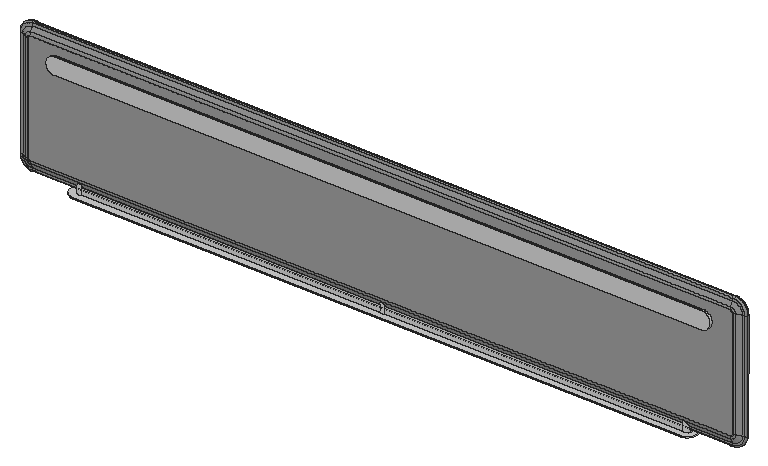
Revit family "Haworth_ComposeEcho_AccessoryFrame", category Furniture Systems, Revit 2019
Family settings
  Round Connector Dimension = Use Diameter
  Part Type = Normal
  OmniClass Number = 23.40.70.14.64.21
  OmniClass Title = Systems Furniture
  Work Plane-Based = No
  Always vertical = Yes
  Cut with Voids When Loaded = No
  Shared = No
  Room Calculation Point = No
Parameters (values of type "84w 16h")
  Warranty = "http://www.haworth.com/resources/product-info/warranties"
  URL - Product = "http://www.haworth.com/products/workspaces/panel-based/compose"
  URL = "www.haworth.com"
  Trim Finish [instance] = Haworth _ Paint _ Undecided _ Panel
  Screen Height - 27 in. = no
  Screen Height - 24 in. = no
  Screen Height - 20 in. = no
  Screen Height - 19 in. = no
  Screen Height - 16 in. = yes
  Screen Height - 12 in = not(or([Screen Height - 16 in.], [Screen Height - 19 in.], [Screen Height - 20 in.], [Screen Height - 24 in.], [Screen Height - 27 in.]))  # no
  Rail Height = 13.642"  # constant formula
  Sustainability Info = "https://library.haworth.com/bin/haworth/downloadasset?path=/content/dam/digital/north-american-assets/order-support/warranties/Haworth%20North%20America%20Warranty%201-1-2020.pdf"
  Size = "Verify Final Dim. w/ Haworth"  # constant formula
  Revision Number = "1"  # constant formula
  Rail Width = Actual Width - (7.000" * 2)  # 70.000"
  No Screen [instance] = no
  Model = "Haworth - Compose Echo"  # constant formula
  Manufacturer = "Haworth"  # constant formula
  Screen Finish [instance] = Haworth _ Fabric _ Undecided _ Screen
  Half Rail Width = Rail Width / 2  # 35.000"
  Description = "Haworth - Compose Echo - Accessory Frame"  # constant formula
  Available Widths = "24-84 in. @ 6in. increments"  # constant formula
  Available Heights = "16, 19, 20, 24, and 27 in."  # constant formula
  Author = "Haworth (Bentzen)"  # constant formula
  Assembly Code = "E2020500"
  Actual Width = 84.000"
  Actual Height = if([Screen Height - 27 in.], 27.000", if([Screen Height - 24 in.], 24.000", if([Screen Height - 20 in.], 20.000", if([Screen Height - 19 in.], 19.000", if([Screen Height - 16 in.], 16.000", 12.000")))))  # 16.000"
  Accessory Rail [instance] = yes
Reference planes (in)
  plane 1 "Center F/B": y = 0
  plane 2: z = 0
  plane 3 "Center L/R": x = 0.09607
  plane 4 "Front": y = -1.5
  plane 5 "Back": y = 1.5
  plane 6 "Panel Offset": z = 42
  plane 7 "Left": x = -41.90393
  plane 8: x = -34.90393
  plane 9: x = 35.09607
  plane 10: x = 42.09607
  plane 11: z = 42
  plane 12: z = 42.4139
  plane 13: z = 58
  plane 14: z = 55.642
  plane 15: x = -34.90393
  plane 16: x = -34.90393
  plane 17: y = 0
  plane 18: y = 0
  plane 19: x = 35.09607
  plane 20: y = 0
  plane 21: z = 54.57265
  plane 22: x = -36.00773
  plane 23: x = 36.19988
  plane 24: y = 0.55604
  plane 25: y = -0.55604
Lines and regions (in)
  symbolic lines
    curve 1: arc (-34.90393, 1.236, 0) -> (-36.13982, 0.00011, 0) -> (-34.90393, -1.23578, 0) r 1.23589
    curve 2: line (-36.00773, 0.55604, 0) -> (-41.90393, 0.55604, 0)
    curve 3: line (-36.00762, -0.55604, 0) -> (-41.90393, -0.55604, 0)
    curve 4: line (-41.90393, -0.55604, 0) -> (-41.90393, 0.55604, 0)
    curve 9: arc (35.09607, 1.236, 0) -> (36.33197, 0.00011, 0) -> (35.09607, -1.23578, 0) r 1.23589
    curve 10: line (36.19988, 0.55604, 0) -> (42.09607, 0.55604, 0)
    curve 11: line (36.19977, -0.55604, 0) -> (42.09607, -0.55604, 0)
    curve 12: line (42.09607, -0.55604, 0) -> (42.09607, 0.55604, 0)
    curve 13: line (-34.90393, 1.236, 0) -> (35.09607, 1.236, 0)
    curve 14: line (-34.90393, -1.23578, 0) -> (35.09607, -1.23578, 0)
    curve 15: line (-36.00773, 0.55604, 0) -> (36.19988, 0.55604, 0)
    curve 16: line (-36.00773, -0.55604, 0) -> (36.19988, -0.55604, 0)
  symbolic lines, not visible
    curve 5: arc (-34.90393, 1.236, 0) -> (-36.13982, 0.00011, 0) -> (-34.90393, -1.23578, 0) r 1.23589
    curve 6: line (-36.00773, 0.55604, 0) -> (-41.90393, 0.55604, 0)
    curve 7: line (-36.00762, -0.55604, 0) -> (-41.90393, -0.55604, 0)
    curve 8: line (-41.90393, -0.55604, 0) -> (-41.90393, 0.55604, 0)
Dimensions and locks (in)
  locked: plane 8 to plane 7 "Left" at 7
  locked: plane 10 to plane 9 at 7
  "Half Rail Width": plane 3 "Center L/R" to plane 8
  "Half Rail Width": plane 9 to plane 3 "Center L/R"
  plane 7 "Left" to plane 10 = 84.000"
  locked: plane 12 to plane 11 at 0.4139
  "Actual Height": plane 13 to plane 11
  plane 13 to plane 21 = 3.42735"
  "Rail Height": plane 14 to plane 11
  locked: plane 9 to plane 23 at 1.1038
  locked: plane 22 to plane 8 at 1.1038
  locked: plane 1 "Center F/B" to plane 24 at 0.55604
  locked: plane 25 to plane 1 "Center F/B" at 0.55604
  aligned and locked: plane 1 "Center F/B" to nested 2
  aligned and locked: plane 1 "Center F/B" to nested 1
  aligned and locked: plane 3 "Center L/R" to nested 1
  aligned and locked: plane 3 "Center L/R" to nested 2
  aligned and locked: plane 8 to nested 3
  aligned and locked: plane 3 "Center L/R" to nested 5
  aligned and locked: plane 9 to nested 4
  aligned and locked: plane 1 "Center F/B" to nested 4
  aligned and locked: plane 1 "Center F/B" to nested 5
  aligned and locked: plane 1 "Center F/B" to nested 3
  aligned and locked: plane 1 "Center F/B" to nested 6
  aligned and locked: nested 1 to plane 11
  aligned and locked: nested 6 to plane 12
  aligned and locked: plane 17 to plane 1 "Center F/B"
  aligned and locked: plane 8 to plane 15
  aligned and locked: plane 20 to plane 1 "Center F/B"
  aligned and locked: plane 19 to plane 9
  aligned and locked: plane 8 to curve 13
  aligned and locked: plane 9 to curve 13
  aligned and locked: plane 9 to curve 14
  aligned and locked: nested 1 to curve 14
  aligned and locked: curve 13 to nested 1
  aligned and locked: plane 14 to nested 2
  aligned and locked: plane 3 "Center L/R" to nested 6
  aligned and locked: nested 3 to plane 11
  aligned and locked: nested 5 to plane 11
  aligned and locked: nested 4 to plane 11
  aligned and locked: plane 22 to curve 15
  aligned and locked: plane 22 to curve 16
  aligned and locked: plane 23 to curve 16
  aligned and locked: plane 23 to curve 15
  aligned and locked: curve 15 to plane 24
  aligned and locked: curve 16 to plane 25
Automatic sketch dimensions
  curve 14 to plane 8 = 0.000"
Nested families (in)
  nested 1: "Haworth_ComposeEcho_AccessoryFrame_PART_LowerRail" at (0, 0, 0), Trim Finish <- "Trim Finish", type "Rail"
    with Trim Finish Haworth _ Paint _ Undecided _ Panel, Rail Width 70.000", Actual Width 84.000"
  nested 2: "Haworth_ComposeEcho_AccessoryFrame_PART_UpperRail" at (0, 0, 0.2045), Trim Finish <- "Trim Finish", visible <- "Accessory Rail", type "Rail"
    with Trim Finish Haworth _ Paint _ Undecided _ Panel
  nested 3: "Haworth_ComposeEcho_AccessoryFrame_PART_Post" at (-35, 0, -0.0801), Trim Finish <- "Trim Finish", type "Post"
    with Trim Finish Haworth _ Paint _ Undecided _ Panel
  nested 4: "Haworth_ComposeEcho_AccessoryFrame_PART_Post" at (35, 0, -0.0801), Trim Finish <- "Trim Finish", type "Post"
    with Trim Finish Haworth _ Paint _ Undecided _ Panel
  nested 5: "Haworth_ComposeEcho_AccessoryFrame_PART_Post" at (0, 0, -0.0801), Trim Finish <- "Trim Finish", type "Post"
    with Trim Finish Haworth _ Paint _ Undecided _ Panel
  nested 6: "Haworth_ComposeEcho_AccessoryFrame_PART_Screen" at (0, 0, -0.0136), Screen Finish <- "Screen Finish", type "Screen"
    with Screen Finish Haworth _ Fabric _ Undecided _ Screen
Definition of nested family "Haworth_ComposeEcho_AccessoryFrame_PART_LowerRail"
  Parameters (values of type "Rail")
    Warranty = "http://www.haworth.com/resources/product-info/warranties"
    URL - Product = "http://www.haworth.com/products/workspaces/panel-based/compose"
    URL = "www.haworth.com"
    Trim Finish [instance] = none
    Sustainability Info = "https://library.haworth.com/bin/haworth/downloadasset?path=/content/dam/digital/north-american-assets/order-support/warranties/Haworth%20North%20America%20Warranty%201-1-2020.pdf"
    Size = "Verify Final Dim. w/ Haworth"  # constant formula
    Revision Number = "1"  # constant formula
    Rail Width = Actual Width - (7.000" * 2)  # 58.000"
    Model = ""
    Manufacturer = "Haworth"  # constant formula
    Description = "Haworth - Compose Echo - Accessory Frame"  # constant formula
    Author = "Haworth (Bentzen)"  # constant formula
    Assembly Code = "E2020500"
    Actual Width = 72.000"
    Actual Height = 16.000"  # constant formula
  Reference planes (in)
    plane 1 "Center F/B": y = 0
    plane 2: z = 0
    plane 3 "Center L/R": x = 0.09607
    plane 4 "Front": y = -1.5
    plane 5 "Back": y = 1.5
    plane 6: x = -28.90393
    plane 7: x = 29.09607
  Forms (in)
    Extrusion 1, solid, material <- "Trim Finish"
      sketch origin (0, 0, 16.52988) x (1, 0, 0) y (0, 1, 0)
        loop
          arc (29.09607, -1.23578) -> (30.33197, 0.00011) -> (29.09607, 1.236) r 1.23589
          line (29.09607, 1.236) -> (-28.90393, 1.236)
          arc (-28.90393, 1.236) -> (-30.13982, 0.00011) -> (-28.90393, -1.23578) r 1.23589
          line (-28.90393, -1.23578) -> (29.09607, -1.23578)
      from 25.47012 to 25.55023
    Extrusion 2, solid, material <- "Trim Finish"
      sketch origin (0, 0, 16.52988) x (1, 0, 0) y (0, 1, 0)
        loop
          line (-28.90393, 0.37479) -> (-28.90393, -0.37479) -> (29.09607, -0.37479) -> (29.09607, 0.37479) -> (-28.90393, 0.37479)
      from 25.55012 to 26.30033
  Dimensions and locks (in)
    equal spacing: plane 6, plane 3 "Center L/R", plane 7
    "Rail Width": plane 6 to plane 7
  Automatic sketch dimensions
    Extrusion 1 sketch curve to plane 6 = 0.000"
    Extrusion 1 sketch curve to plane 7 = 0.000"
    plane 4 "Front" to Extrusion 1 sketch curve = 0.26422"
    Extrusion 1 sketch curve to plane 1 "Center F/B" = 0.00011"
    Extrusion 2 sketch curve to plane 6 = 0.000"
    Extrusion 2 sketch curve to plane 7 = 0.000"
    plane 1 "Center F/B" to Extrusion 2 sketch curve = 0.37479"
    Extrusion 2 sketch curve to plane 1 "Center F/B" = 0.37479"
Definition of nested family "Haworth_ComposeEcho_AccessoryFrame_PART_UpperRail"
  Parameters (values of type "Rail")
    Warranty = "http://www.haworth.com/resources/product-info/warranties"
    URL - Product = "http://www.haworth.com/products/workspaces/panel-based/compose"
    URL = "www.haworth.com"
    Trim Finish [instance] = none
    Sustainability Info = "https://library.haworth.com/bin/haworth/downloadasset?path=/content/dam/digital/north-american-assets/order-support/warranties/Haworth%20North%20America%20Warranty%201-1-2020.pdf"
    Size = "Verify Final Dim. w/ Haworth"  # constant formula
    Revision Number = "1"  # constant formula
    Rail Width = Actual Width - (4.534" * 2)  # 74.932"
    Model = ""
    Manufacturer = "Haworth"  # constant formula
    Description = "Haworth - Compose Echo - Accessory Frame"  # constant formula
    Author = "Haworth (Bentzen)"  # constant formula
    Assembly Code = "E2020500"
    Actual Width = 84.000"
    Actual Height = 16.000"  # constant formula
  Reference planes (in)
    plane 1 "Center F/B": y = 0
    plane 2: z = 0
    plane 3 "Center L/R": x = 0.09607
    plane 4 "Front": y = -1.5
    plane 5 "Back": y = 1.5
    plane 6 "Panel Offset": z = 42
    plane 7: x = -37.36993
    plane 8: x = 37.56207
  Forms (in)
    Extrusion 1, solid, material <- "Trim Finish"
      sketch origin (0, 0, 16.52988) x (1, 0, 0) y (0, 0, 1)
        loop
          arc (-37.36993, 38.90762) -> (-38.30758, 37.96997) -> (-37.36993, 37.03232) r 0.93765
          line (-37.36993, 37.03232) -> (37.56207, 37.03232)
          arc (37.56207, 37.03232) -> (38.49972, 37.96997) -> (37.56207, 38.90762) r 0.93765
          line (37.56207, 38.90762) -> (-37.36993, 38.90762)
      from 0.90625 to 0.65773
    Extrusion 2, solid, material <- "Trim Finish"
      sketch origin (0, 0, 16.52988) x (1, 0, 0) y (0, 0, -1)
        loop
          arc (-37.36993, -37.03232) -> (-38.30758, -37.96997) -> (-37.36993, -38.90762) r 0.93765
          line (-37.36993, -38.90762) -> (37.56207, -38.90762)
          arc (37.56207, -38.90762) -> (38.49972, -37.96997) -> (37.56207, -37.03232) r 0.93765
          line (37.56207, -37.03232) -> (-37.36993, -37.03232)
      from 0.98042 to 0.65772
    Extrusion 3, solid, material <- "Trim Finish"
      sketch origin (0, 0, 0) x (1, 0, 0) y (0, 0, 1)
        loop
          line (-37.36993, 55.4375) -> (-37.36993, 53.5622) -> (37.56207, 53.5622) -> (37.56207, 55.4375) -> (-37.36993, 55.4375)
      from -0.65772 to 0.65773
  Dimensions and locks (in)
    equal spacing: plane 8, plane 3 "Center L/R", plane 7
    "Rail Width": plane 8 to plane 7
    aligned and locked: Extrusion 3 to plane 8
    aligned and locked: Extrusion 3 to plane 7
  Automatic sketch dimensions
    Extrusion 1 sketch curve to plane 7 = 0.000"
    plane 8 to Extrusion 1 sketch curve = 0.000"
    plane 6 "Panel Offset" to Extrusion 1 sketch curve = 11.5622"
    Extrusion 1 sketch curve to Extrusion 1 sketch curve = 0.93765"
    Extrusion 2 sketch curve to plane 7 = 0.000"
    plane 8 to Extrusion 2 sketch curve = 0.000"
    plane 6 "Panel Offset" to Extrusion 2 sketch curve = 13.4375"
    Extrusion 2 sketch curve to Extrusion 2 sketch curve = 0.93765"
    Extrusion 3 sketch curve to plane 7 = 0.000"
    plane 8 to Extrusion 3 sketch curve = 0.000"
    plane 6 "Panel Offset" to Extrusion 3 sketch curve = 11.5622"
    Extrusion 3 sketch curve to Extrusion 3 sketch curve = 1.8753"
Definition of nested family "Haworth_ComposeEcho_AccessoryFrame_PART_Post"
  Parameters (values of type "Post")
    Warranty = "http://www.haworth.com/resources/product-info/warranties"
    URL - Product = "http://www.haworth.com/products/workspaces/panel-based/compose"
    URL = "www.haworth.com"
    Trim Finish [instance] = none
    Sustainability Info = "https://library.haworth.com/bin/haworth/downloadasset?path=/content/dam/digital/north-american-assets/order-support/warranties/Haworth%20North%20America%20Warranty%201-1-2020.pdf"
    Size = "Verify Final Dim. w/ Haworth"  # constant formula
    Revision Number = "1"  # constant formula
    Model = ""
    Manufacturer = "Haworth"  # constant formula
    Description = "Haworth - Compose Echo - Accessory Frame"  # constant formula
    Author = "Haworth (Bentzen)"  # constant formula
    Assembly Code = "E2020500"
    Actual Width = 30.000"
    Actual Height = 13.500" - 1.875"  # 11.625"
    Accessory Rail = yes
  Reference planes (in)
    plane 1 "Center F/B": y = 0
    plane 2: z = 0
    plane 3 "Center L/R": x = 0.09607
    plane 4 "Left": x = 0.01094
    plane 5 "Right": x = 0.1812
    plane 6 "Top Trim": z = 55.5
    plane 7 "Top Trim Inside": z = 53.5
    plane 8 "Front": y = -1.5
    plane 9 "Back": y = 1.5
    plane 10 "Panel Offset": z = 42
    plane 11 "Top": z = 53.625
    plane 12 "Top Panel": z = 55.125
    plane 13: z = 55.64238
    plane 14: x = 0.09607
    plane 15: z = 52.64238
    plane 16: y = 0.5
    plane 17: y = -0.5
  Forms (in)
    Extrusion 1, solid, material <- "Trim Finish"
      sketch origin (26.33572, 0, 17.27998) x (1, 0, 0) y (0, 1, 0)
        loop
          circle (-26.23964, 0) r 0.43752
      from 24.80012 to 35.3624
    Extrusion 2, solid, material <- "Trim Finish", visible <- "Accessory Rail"
      sketch origin (26.33572, 0, 29.27998) x (1, 0, 0) y (0, 1, 0)
        loop
          circle (-26.23964, 0) r 0.43752
      from 23.3624 to 26.3624
  Dimensions and locks (in)
    "Actual Height": plane 11 "Top" to plane 10 "Panel Offset"
    equal spacing: plane 9 "Back", plane 1 "Center F/B", plane 8 "Front"
    locked: plane 9 "Back" to plane 8 "Front" at 3
    plane 10 "Panel Offset" to plane 2 = 42.000"
    locked: plane 11 "Top" to plane 7 "Top Trim Inside" at 0.125
    plane 16 to plane 1 "Center F/B" = 0.500"
    plane 1 "Center F/B" to plane 17 = 0.500"
    aligned and locked: plane 15 to Extrusion 1
    aligned and locked: Extrusion 2 to plane 15
  Automatic sketch dimensions
    plane 1 "Center F/B" to Extrusion 1 sketch curve = 0.000"
    Extrusion 1 sketch curve to plane 3 "Center L/R" = 0.000"
    plane 1 "Center F/B" to Extrusion 2 sketch curve = 0.000"
    Extrusion 2 sketch curve to plane 3 "Center L/R" = 0.000"
    radius of Extrusion 1 sketch curve = 0.43752"
    radius of Extrusion 2 sketch curve = 0.43752"
Definition of nested family "Haworth_ComposeEcho_AccessoryFrame_PART_Screen"
  Parameters (values of type "Screen")
    Warranty = "http://www.haworth.com/resources/product-info/warranties"
    URL - Product = "http://www.haworth.com/products/workspaces/panel-based/compose"
    URL = "www.haworth.com"
    Sustainability Info = "https://library.haworth.com/bin/haworth/downloadasset?path=/content/dam/digital/north-american-assets/order-support/warranties/Haworth%20North%20America%20Warranty%201-1-2020.pdf"
    Size = "Verify Final Dim. w/ Haworth"  # constant formula
    Screen Heigh without Rail Height = Actual Height - 0.414"  # 15.586"
    Revision Number = "1"  # constant formula
    No Screen = no
    Interior Screen Width = Actual Width - (1.250" * 2)  # 81.500"
    Model = ""
    Manufacturer = "Haworth"  # constant formula
    Screen Finish [instance] = none
    Interior Screen Height = Screen Heigh without Rail Height - (1.250" * 2)  # 13.086"
    Description = "Haworth - Compose Echo - Accessory Frame"  # constant formula
    Author = "Haworth (Bentzen)"  # constant formula
    Assembly Code = "E2020500"
    Actual Width = 84.000"
    Actual Height = 16.000"
    27h = and(Actual Height = 27.000", not(No Screen))  # no
    24h = and(Actual Height = 24.000", not(No Screen))  # no
    20h = and(Actual Height = 20.000", not(No Screen))  # no
    19h = and(Actual Height = 19.000", not(No Screen))  # no
    16h = and(Actual Height = 16.000", not(No Screen))  # yes
    12h = and(not(or([16h], [19h], [20h], [24h], [27h])), not(No Screen))  # no
  Reference planes (in)
    plane 1 "Center F/B": y = 0
    plane 2: z = 0
    plane 3 "Center L/R": x = 0.09607
    plane 4 "Front": y = -1.5
    plane 5 "Back": y = 1.5
    plane 6: x = -40.65393
    plane 7: x = 40.84607
    plane 8: z = 42
    plane 9: z = 66
    plane 10: z = 54
    plane 11: z = 61
    plane 12: z = 69
    plane 13: z = 58
    plane 14: z = 62
  Dimensions and locks (in)
    equal spacing: plane 7, plane 3 "Center L/R", plane 6
    "Interior Screen Width": plane 7 to plane 6
    plane 8 to plane 2 = 42.000"
    plane 10 to plane 8 = 12.000"
    plane 11 to plane 8 = 19.000"
    plane 9 to plane 8 = 24.000"
    plane 13 to plane 8 = 16.000"
    plane 14 to plane 8 = 20.000"
    plane 12 to plane 8 = 27.000"
    aligned and locked: plane 3 "Center L/R" to nested 1
    aligned and locked: plane 1 "Center F/B" to nested 1
    aligned and locked: plane 3 "Center L/R" to nested 2
    aligned and locked: plane 1 "Center F/B" to nested 2
    aligned and locked: plane 3 "Center L/R" to nested 3
    aligned and locked: plane 1 "Center F/B" to nested 3
    aligned and locked: plane 3 "Center L/R" to nested 4
    aligned and locked: plane 1 "Center F/B" to nested 4
    aligned and locked: plane 3 "Center L/R" to nested 5
    aligned and locked: plane 1 "Center F/B" to nested 5
    aligned and locked: plane 3 "Center L/R" to nested 6
    aligned and locked: plane 1 "Center F/B" to nested 6
  Nested families (in)
    nested 1: "Haworth_ComposeEcho_AccessoryFrame_PART_Screen16" at (0, 0, 0), Screen Finish <- "Screen Finish", visible <- "16h", type "Screen"
      with Screen Finish none, Interior Screen Width 81.500", Actual Width 84.000"
    nested 2: "Haworth_ComposeEcho_AccessoryFrame_PART_Screen12" at (0, 0, 0), Screen Finish <- "Screen Finish", visible <- "12h", type "Screen"
      with Screen Finish none
    nested 3: "Haworth_ComposeEcho_AccessoryFrame_PART_Screen19" at (0, 0, 0), Screen Finish <- "Screen Finish", visible <- "19h", type "Screen"
      with Screen Finish none
    nested 4: "Haworth_ComposeEcho_AccessoryFrame_PART_Screen20" at (0, 0, 0), Screen Finish <- "Screen Finish", visible <- "20h", type "Screen"
      with Screen Finish none
    nested 5: "Haworth_ComposeEcho_AccessoryFrame_PART_Screen24" at (0, 0, 0), Screen Finish <- "Screen Finish", visible <- "24h", type "Screen"
      with Screen Finish none
    nested 6: "Haworth_ComposeEcho_AccessoryFrame_PART_Screen27" at (0, 0, 0), Screen Finish <- "Screen Finish", visible <- "27h", type "Screen"
      with Screen Finish none
  Definition of nested family "Haworth_ComposeEcho_AccessoryFrame_PART_Screen16"
    Parameters (values of type "Screen")
      Warranty = "http://www.haworth.com/resources/product-info/warranties"
      URL - Product = "http://www.haworth.com/products/workspaces/panel-based/compose"
      URL = "www.haworth.com"
      Sustainability Info = "https://library.haworth.com/bin/haworth/downloadasset?path=/content/dam/digital/north-american-assets/order-support/warranties/Haworth%20North%20America%20Warranty%201-1-2020.pdf"
      Size = "Verify Final Dim. w/ Haworth"  # constant formula
      Revision Number = "1"  # constant formula
      Interior Screen Width = Actual Width - (1.250" * 2)  # 69.500"
      Model = ""
      Manufacturer = "Haworth"  # constant formula
      Screen Finish [instance] = none
      Description = "Haworth - Compose Echo - Accessory Frame"  # constant formula
      Author = "Haworth (Bentzen)"  # constant formula
      Assembly Code = "E2020500"
      Actual Width = 72.000"
      Actual Height = 16.000"  # constant formula
    Reference planes (in)
      plane 1 "Center F/B": y = 0
      plane 2: z = 0
      plane 3 "Center L/R": x = 0.09607
      plane 4 "Front": y = -1.5
      plane 5 "Back": y = 1.5
      plane 6: z = 56.67686
      plane 7: z = 56.67686
      plane 8: z = 57.92686
      plane 9: z = 56.67686
      plane 10: z = 56.67686
      plane 11: z = 57.92686
      plane 12: x = -34.65393
      plane 13: x = 34.84607
    Forms (in)
      Sweep 1, solid, material <- "Screen Finish"
        path origin (0, 0, 0) x (1, 0, 0) y (0, 0, 1)
          loop
            arc (-34.40457, 57.92686) -> (-35.46477, 57.48771) -> (-35.90393, 56.4275) r 1.49936
            line (-35.90393, 56.4275) -> (-35.90393, 43.91392)
            arc (-35.90393, 43.91392) -> (-35.46459, 42.85326) -> (-34.40393, 42.41392) r 1.5
            line (-34.40393, 42.41392) -> (34.59607, 42.41392)
            arc (34.59607, 42.41392) -> (35.65673, 42.85326) -> (36.09607, 43.91392) r 1.5
            line (36.09607, 43.91392) -> (36.09607, 56.4275)
            arc (36.09607, 56.4275) -> (35.65691, 57.48771) -> (34.59671, 57.92686) r 1.49936
            line (34.59671, 57.92686) -> (-34.40457, 57.92686)
        profile origin (0.09607, 0, 57.92686) x (0, 0, 1) y (0, -1, 0)
          loop
            arc (-0.01359, 0) -> (-0.01534, 0.13277) -> (-0.11283, 0.22292) r 0.16824
            line (-0.11283, 0.22292) -> (-0.40531, 0.25517)
            arc (-0.40531, 0.25517) -> (-0.67106, 0.35931) -> (-0.93195, 0.47511) r 6.45157
            arc (-0.93195, 0.47511) -> (-1.08711, 0.53078) -> (-1.25, 0.55604) r 0.86585
            line (-1.25, 0.55604) -> (-1.25, 0) -> (-0.01359, 0)
      Sweep 2, solid, material <- "Screen Finish"
        path origin (0, 0, 0) x (1, 0, 0) y (0, 0, -1)
          loop
            line (-34.40457, -57.92686) -> (34.59671, -57.92686)
            arc (34.59671, -57.92686) -> (35.65691, -57.48771) -> (36.09607, -56.4275) r 1.49936
            line (36.09607, -56.4275) -> (36.09607, -43.91392)
            arc (36.09607, -43.91392) -> (35.65673, -42.85326) -> (34.59607, -42.41392) r 1.5
            line (34.59607, -42.41392) -> (-34.40393, -42.41392)
            arc (-34.40393, -42.41392) -> (-35.46459, -42.85326) -> (-35.90393, -43.91392) r 1.5
            line (-35.90393, -43.91392) -> (-35.90393, -56.4275)
            arc (-35.90393, -56.4275) -> (-35.46477, -57.48771) -> (-34.40457, -57.92686) r 1.49936
        profile origin (0.09607, 0, 57.92686) x (0, 0, -1) y (0, 1, 0)
          loop
            line (0.01359, 0) -> (1.25, 0) -> (1.25, 0.55604)
            arc (1.25, 0.55604) -> (1.08711, 0.53078) -> (0.93195, 0.47511) r 0.86585
            arc (0.93195, 0.47511) -> (0.67106, 0.35931) -> (0.40531, 0.25517) r 6.45157
            line (0.40531, 0.25517) -> (0.11283, 0.22292)
            arc (0.11283, 0.22292) -> (0.01534, 0.13277) -> (0.01359, 0) r 0.16824
      Extrusion 3, solid, material <- "Screen Finish"
        sketch origin (0, 0, 0) x (1, 0, 0) y (0, 0, -1)
          loop
            arc (-34.65393, -56.4275) -> (-34.58089, -56.60383) -> (-34.40457, -56.67686) r 0.24936
            line (-34.40457, -56.67686) -> (34.59672, -56.67686)
            arc (34.59672, -56.67686) -> (34.77304, -56.60383) -> (34.84607, -56.4275) r 0.24936
            line (34.84607, -56.4275) -> (34.84607, -43.91392)
            arc (34.84607, -43.91392) -> (34.77285, -43.73714) -> (34.59607, -43.66392) r 0.25
            line (34.59607, -43.66392) -> (-34.40393, -43.66392)
            arc (-34.40393, -43.66392) -> (-34.5807, -43.73714) -> (-34.65393, -43.91392) r 0.25
            line (-34.65393, -43.91392) -> (-34.65393, -56.4275)
        from -0.56071 to 0.55604
    Dimensions and locks (in)
      plane 7 to plane 8 = 1.250"
      plane 11 to plane 10 = 1.250"
      equal spacing: plane 13, plane 3 "Center L/R", plane 12
      "Interior Screen Width": plane 13 to plane 12
    Automatic sketch dimensions
      Sweep 1 sketch curve to plane 12 = 1.250"
      plane 12 to Sweep 1 sketch curve = 0.24936"
      plane 12 to Sweep 1 sketch curve = 0.250"
      Sweep 1 sketch curve to plane 13 = 0.25001"
      Sweep 1 sketch curve to plane 13 = 0.24937"
      plane 13 to Sweep 1 sketch curve = 1.24999"
      Sweep 1 sketch curve to plane 6 = 14.26295"
      Sweep 1 sketch curve to plane 6 = 0.24936"
      Sweep 1 sketch curve to plane 7 = 0.000"
      Sweep 1 sketch curve to plane 1 "Center F/B" = 0.000"
      Sweep 1 sketch curve to plane 7 = 0.05063"
      profile plane to Sweep 1 sketch curve = 0.40531"
      profile plane to Sweep 1 sketch curve = 0.16903"
      profile plane to Sweep 1 sketch curve = 0.11283"
      profile plane to Sweep 1 sketch curve = 0.01359"
      Sweep 1 sketch curve to profile plane = 1.81511"
      Sweep 1 sketch curve to plane 1 "Center F/B" = 0.30833"
      plane 1 "Center F/B" to Sweep 1 sketch curve = 0.06434"
      plane 1 "Center F/B" to Sweep 1 sketch curve = 0.25517"
      plane 1 "Center F/B" to Sweep 1 sketch curve = 0.55604"
      plane 1 "Center F/B" to Sweep 1 sketch curve = 6.3126"
      Sweep 2 sketch curve to plane 12 = 1.250"
      plane 12 to Sweep 2 sketch curve = 0.24936"
      plane 12 to Sweep 2 sketch curve = 0.250"
      Sweep 2 sketch curve to plane 13 = 0.25001"
      Sweep 2 sketch curve to plane 13 = 0.24937"
      plane 13 to Sweep 2 sketch curve = 1.24999"
      plane 9 to Sweep 2 sketch curve = 1.250"
      Sweep 2 sketch curve to Sweep 2 sketch curve = 12.51359"
      Sweep 2 sketch curve to profile plane = 0.000"
      Sweep 2 sketch curve to plane 10 = 0.000"
      Sweep 2 sketch curve to profile plane = 0.40531"
      Sweep 2 sketch curve to profile plane = 0.16903"
      Sweep 2 sketch curve to profile plane = 0.11283"
      Sweep 2 sketch curve to profile plane = 0.01359"
      profile plane to Sweep 2 sketch curve = 1.81511"
      Sweep 2 sketch curve to plane 10 = 0.05063"
      Sweep 2 sketch curve to profile plane = 0.30833"
      profile plane to Sweep 2 sketch curve = 0.06434"
      profile plane to Sweep 2 sketch curve = 0.25517"
      profile plane to Sweep 2 sketch curve = 0.55604"
      profile plane to Sweep 2 sketch curve = 6.3126"
      Extrusion 3 sketch curve to plane 12 = 0.000"
      Extrusion 3 sketch curve to plane 13 = 0.000"
      plane 12 to Extrusion 3 sketch curve = 0.24936"
      plane 12 to Extrusion 3 sketch curve = 0.250"
      Extrusion 3 sketch curve to plane 13 = 0.250"
      Extrusion 3 sketch curve to plane 13 = 0.24936"
      level to Extrusion 3 sketch curve = 56.67686"
      Extrusion 3 sketch curve to Extrusion 3 sketch curve = 12.51359"
  Definition of nested family "Haworth_ComposeEcho_AccessoryFrame_PART_Screen12"
    Parameters (values of type "Screen")
      Warranty = "http://www.haworth.com/resources/product-info/warranties"
      URL - Product = "http://www.haworth.com/products/workspaces/panel-based/compose"
      URL = "www.haworth.com"
      Sustainability Info = "https://library.haworth.com/bin/haworth/downloadasset?path=/content/dam/digital/north-american-assets/order-support/warranties/Haworth%20North%20America%20Warranty%201-1-2020.pdf"
      Size = "Verify Final Dim. w/ Haworth"  # constant formula
      Revision Number = "1"  # constant formula
      Interior Screen Width = Actual Width - (1.250" * 2)  # 81.500"
      Model = ""
      Manufacturer = "Haworth"  # constant formula
      Screen Finish [instance] = none
      Description = "Haworth - Compose Echo - Accessory Frame"  # constant formula
      Author = "Haworth (Bentzen)"  # constant formula
      Assembly Code = "E2020500"
      Actual Width = 84.000"
      Actual Height = 16.000"  # constant formula
    Reference planes (in)
      plane 1 "Center F/B": y = 0
      plane 2: z = 0
      plane 3 "Center L/R": x = 0.09607
      plane 4 "Front": y = -1.5
      plane 5 "Back": y = 1.5
      plane 6: x = -40.65393
      plane 7: x = 40.84607
      plane 8: z = 52.67686
    Forms (in)
      Extrusion 1, solid, material <- "Screen Finish"
        sketch origin (0, 0, 0) x (1, 0, 0) y (0, 0, -1)
          loop
            arc (-40.65393, -52.4275) -> (-40.58089, -52.60383) -> (-40.40457, -52.67686) r 0.24936
            line (-40.40457, -52.67686) -> (40.59672, -52.67686)
            arc (40.59672, -52.67686) -> (40.77304, -52.60383) -> (40.84607, -52.4275) r 0.24936
            line (40.84607, -52.4275) -> (40.84607, -43.91392)
            arc (40.84607, -43.91392) -> (40.77285, -43.73714) -> (40.59607, -43.66392) r 0.25
            line (40.59607, -43.66392) -> (-40.40393, -43.66392)
            arc (-40.40393, -43.66392) -> (-40.5807, -43.73714) -> (-40.65393, -43.91392) r 0.25
            line (-40.65393, -43.91392) -> (-40.65393, -52.4275)
        from -0.56071 to 0.55604
      Sweep 2, solid, material <- "Screen Finish"
        path origin (0, 0, 0) x (1, 0, 0) y (0, 0, 1)
          loop
            arc (40.59607, 42.4275) -> (41.64712, 42.86286) -> (42.08248, 43.91392) r 1.48641
            line (42.08248, 43.91392) -> (42.08248, 52.4275)
            arc (42.08248, 52.4275) -> (41.64731, 53.4781) -> (40.59671, 53.91328) r 1.48577
            line (40.59671, 53.91328) -> (-40.40457, 53.91328)
            arc (-40.40457, 53.91328) -> (-41.45517, 53.4781) -> (-41.89034, 52.4275) r 1.48577
            line (-41.89034, 52.4275) -> (-41.89034, 43.91392)
            arc (-41.89034, 43.91392) -> (-41.45498, 42.86286) -> (-40.40393, 42.4275) r 1.48641
            line (-40.40393, 42.4275) -> (40.59607, 42.4275)
        profile origin (0.09607, 0, 53.91328) x (0, 0, 1) y (0, -1, 0)
          loop
            arc (0, 0) -> (-0.00171, 0.13279) -> (-0.09925, 0.22292) r 0.16813
            line (-0.09925, 0.22292) -> (-0.39172, 0.25517)
            arc (-0.39172, 0.25517) -> (-0.68615, 0.37048) -> (-0.97362, 0.50217) r 5.61881
            arc (-0.97362, 0.50217) -> (-1.10156, 0.54599) -> (-1.23641, 0.55604) r 0.53062
            line (-1.23641, 0.55604) -> (-1.23641, 0) -> (0, 0)
      Sweep 3, solid, material <- "Screen Finish"
        path origin (0, 0, 0) x (1, 0, 0) y (0, 0, -1)
          loop
            line (40.59607, -42.4275) -> (-40.40393, -42.4275)
            arc (-40.40393, -42.4275) -> (-41.45498, -42.86286) -> (-41.89034, -43.91392) r 1.48641
            line (-41.89034, -43.91392) -> (-41.89034, -52.4275)
            arc (-41.89034, -52.4275) -> (-41.45517, -53.4781) -> (-40.40457, -53.91328) r 1.48577
            line (-40.40457, -53.91328) -> (40.59671, -53.91328)
            arc (40.59671, -53.91328) -> (41.64731, -53.4781) -> (42.08248, -52.4275) r 1.48577
            line (42.08248, -52.4275) -> (42.08248, -43.91392)
            arc (42.08248, -43.91392) -> (41.64712, -42.86286) -> (40.59607, -42.4275) r 1.48641
        profile origin (0.09607, 0, 53.91328) x (0, 0, -1) y (0, 1, 0)
          loop
            line (0, 0) -> (1.23641, 0) -> (1.23641, 0.55604)
            arc (1.23641, 0.55604) -> (1.10156, 0.54599) -> (0.97362, 0.50217) r 0.53062
            arc (0.97362, 0.50217) -> (0.68615, 0.37048) -> (0.39172, 0.25517) r 5.61881
            line (0.39172, 0.25517) -> (0.09925, 0.22292)
            arc (0.09925, 0.22292) -> (0.00171, 0.13279) -> (0, 0) r 0.16813
    Dimensions and locks (in)
      equal spacing: plane 7, plane 3 "Center L/R", plane 6
      "Interior Screen Width": plane 7 to plane 6
      plane 6 to Extrusion 1 = 81.500"
    Automatic sketch dimensions
      Extrusion 1 sketch curve to plane 6 = 0.000"
      Extrusion 1 sketch curve to plane 8 = 0.000"
      Extrusion 1 sketch curve to plane 7 = 0.000"
      plane 6 to Extrusion 1 sketch curve = 0.24936"
      plane 6 to Extrusion 1 sketch curve = 0.250"
      Extrusion 1 sketch curve to plane 7 = 0.250"
      Extrusion 1 sketch curve to plane 7 = 0.24936"
      Extrusion 1 sketch curve to Extrusion 1 sketch curve = 8.51359"
      Sweep 2 sketch curve to plane 8 = 0.24936"
      Sweep 2 sketch curve to plane 6 = 1.23641"
      plane 6 to Sweep 2 sketch curve = 0.24936"
      plane 6 to Sweep 2 sketch curve = 0.250"
      Sweep 2 sketch curve to plane 7 = 0.25001"
      Sweep 2 sketch curve to plane 7 = 0.24937"
      plane 7 to Sweep 2 sketch curve = 1.23641"
      Sweep 2 sketch curve to Sweep 2 sketch curve = 8.51359"
      Sweep 2 sketch curve to plane 1 "Center F/B" = 0.000"
      profile plane to Sweep 2 sketch curve = 0.000"
      profile plane to Sweep 2 sketch curve = 0.09925"
      profile plane to Sweep 2 sketch curve = 0.1553"
      Sweep 2 sketch curve to Sweep 2 sketch curve = 0.29247"
      plane 1 "Center F/B" to Sweep 2 sketch curve = 0.02617"
      Sweep 2 sketch curve to Sweep 2 sketch curve = 0.81638"
      Sweep 2 sketch curve to Sweep 2 sketch curve = 0.02832"
      Sweep 2 sketch curve to profile plane = 1.5093"
      plane 1 "Center F/B" to Sweep 2 sketch curve = 0.06441"
      plane 1 "Center F/B" to Sweep 2 sketch curve = 0.25517"
      Sweep 2 sketch curve to Sweep 2 sketch curve = 0.52987"
      plane 1 "Center F/B" to Sweep 2 sketch curve = 5.54262"
      Sweep 3 sketch curve to plane 8 = 0.24936"
      Sweep 3 sketch curve to plane 6 = 1.23641"
      plane 6 to Sweep 3 sketch curve = 0.24936"
      plane 6 to Sweep 3 sketch curve = 0.250"
      Sweep 3 sketch curve to plane 7 = 0.25001"
      Sweep 3 sketch curve to plane 7 = 0.24937"
      plane 7 to Sweep 3 sketch curve = 1.23641"
      Sweep 3 sketch curve to Sweep 3 sketch curve = 8.51359"
      Sweep 3 sketch curve to profile plane = 0.000"  (x2)
      profile plane to Sweep 3 sketch curve = 1.5093"
      Sweep 3 sketch curve to profile plane = 0.09925"
      Sweep 3 sketch curve to profile plane = 0.1553"
      profile plane to Sweep 3 sketch curve = 0.25517"
      Sweep 3 sketch curve to Sweep 3 sketch curve = 0.29247"
      profile plane to Sweep 3 sketch curve = 0.02617"
      Sweep 3 sketch curve to Sweep 3 sketch curve = 0.81638"
      Sweep 3 sketch curve to Sweep 3 sketch curve = 0.02832"
      profile plane to Sweep 3 sketch curve = 0.06441"
      Sweep 3 sketch curve to Sweep 3 sketch curve = 0.52987"
      profile plane to Sweep 3 sketch curve = 5.54262"
  Definition of nested family "Haworth_ComposeEcho_AccessoryFrame_PART_Screen19"
    Parameters (values of type "Screen")
      Warranty = "http://www.haworth.com/resources/product-info/warranties"
      URL - Product = "http://www.haworth.com/products/workspaces/panel-based/compose"
      URL = "www.haworth.com"
      Sustainability Info = "https://library.haworth.com/bin/haworth/downloadasset?path=/content/dam/digital/north-american-assets/order-support/warranties/Haworth%20North%20America%20Warranty%201-1-2020.pdf"
      Size = "Verify Final Dim. w/ Haworth"  # constant formula
      Revision Number = "1"  # constant formula
      Interior Screen Width = Actual Width - (1.250" * 2)  # 81.500"
      Model = ""
      Manufacturer = "Haworth"  # constant formula
      Screen Finish [instance] = none
      Description = "Haworth - Compose Echo - Accessory Frame"  # constant formula
      Author = "Haworth (Bentzen)"  # constant formula
      Assembly Code = "E2020500"
      Actual Width = 84.000"
      Actual Height = 16.000"  # constant formula
    Reference planes (in)
      plane 1 "Center F/B": y = 0
      plane 2: z = 0
      plane 3 "Center L/R": x = 0.09607
      plane 4 "Front": y = -1.5
      plane 5 "Back": y = 1.5
      plane 6: x = -40.65393
      plane 7: x = 40.84607
    Forms (in)
      Extrusion 1, solid, material <- "Screen Finish"
        sketch origin (0, 0, 0) x (1, 0, 0) y (0, 0, -1)
          loop
            arc (-40.65393, -59.4275) -> (-40.58089, -59.60383) -> (-40.40457, -59.67686) r 0.24936
            line (-40.40457, -59.67686) -> (40.59672, -59.67686)
            arc (40.59672, -59.67686) -> (40.77304, -59.60383) -> (40.84607, -59.4275) r 0.24936
            line (40.84607, -59.4275) -> (40.84607, -43.91392)
            arc (40.84607, -43.91392) -> (40.77285, -43.73714) -> (40.59607, -43.66392) r 0.25
            line (40.59607, -43.66392) -> (-40.40393, -43.66392)
            arc (-40.40393, -43.66392) -> (-40.5807, -43.73714) -> (-40.65393, -43.91392) r 0.25
            line (-40.65393, -43.91392) -> (-40.65393, -59.4275)
        from -0.56071 to 0.55604
      Sweep 2, solid, material <- "Screen Finish"
        path origin (0, 0, 0) x (1, 0, 0) y (0, 0, 1)
          loop
            line (-40.40393, 42.4275) -> (40.59607, 42.4275)
            arc (40.59607, 42.4275) -> (41.64712, 42.86286) -> (42.08248, 43.91392) r 1.48641
            line (42.08248, 43.91392) -> (42.08248, 59.4275)
            arc (42.08248, 59.4275) -> (41.64731, 60.4781) -> (40.59671, 60.91328) r 1.48577
            line (40.59671, 60.91328) -> (-40.40457, 60.91328)
            arc (-40.40457, 60.91328) -> (-41.45517, 60.4781) -> (-41.89034, 59.4275) r 1.48577
            line (-41.89034, 59.4275) -> (-41.89034, 43.91392)
            arc (-41.89034, 43.91392) -> (-41.45498, 42.86286) -> (-40.40393, 42.4275) r 1.48641
        profile origin (0.09607, 0, 60.91328) x (0, 0, 1) y (0, -1, 0)
          loop
            arc (0, 0) -> (-0.00157, 0.13286) -> (-0.09925, 0.22292) r 0.16779
            line (-0.09925, 0.22292) -> (-0.39172, 0.25517)
            arc (-0.39172, 0.25517) -> (-0.6837, 0.37013) -> (-0.97065, 0.4971) r 7.55979
            arc (-0.97065, 0.4971) -> (-1.10029, 0.54118) -> (-1.23641, 0.55604) r 0.62624
            line (-1.23641, 0.55604) -> (-1.23641, 0) -> (0, 0)
      Sweep 3, solid, material <- "Screen Finish"
        path origin (0, 0, 0) x (1, 0, 0) y (0, 0, -1)
          loop
            arc (-40.40393, -42.4275) -> (-41.45498, -42.86286) -> (-41.89034, -43.91392) r 1.48641
            line (-41.89034, -43.91392) -> (-41.89034, -59.4275)
            arc (-41.89034, -59.4275) -> (-41.45517, -60.4781) -> (-40.40457, -60.91328) r 1.48577
            line (-40.40457, -60.91328) -> (40.59671, -60.91328)
            arc (40.59671, -60.91328) -> (41.64731, -60.4781) -> (42.08248, -59.4275) r 1.48577
            line (42.08248, -59.4275) -> (42.08248, -43.91392)
            arc (42.08248, -43.91392) -> (41.64712, -42.86286) -> (40.59607, -42.4275) r 1.48641
            line (40.59607, -42.4275) -> (-40.40393, -42.4275)
        profile origin (0.09607, 0, 60.91328) x (0, 0, -1) y (0, 1, 0)
          loop
            line (0, 0) -> (1.23641, 0) -> (1.23641, 0.55604)
            arc (1.23641, 0.55604) -> (1.10029, 0.54118) -> (0.97065, 0.4971) r 0.62624
            arc (0.97065, 0.4971) -> (0.6837, 0.37013) -> (0.39172, 0.25517) r 7.55979
            line (0.39172, 0.25517) -> (0.09925, 0.22292)
            arc (0.09925, 0.22292) -> (0.00157, 0.13286) -> (0, 0) r 0.16779
    Dimensions and locks (in)
      equal spacing: plane 7, plane 3 "Center L/R", plane 6
      "Interior Screen Width": plane 7 to plane 6
    Automatic sketch dimensions
      Extrusion 1 sketch curve to plane 6 = 0.000"
      Extrusion 1 sketch curve to plane 7 = 0.000"
      plane 6 to Extrusion 1 sketch curve = 0.24936"
      plane 6 to Extrusion 1 sketch curve = 0.250"
      Extrusion 1 sketch curve to plane 7 = 0.250"
      Extrusion 1 sketch curve to plane 7 = 0.24936"
      level to Extrusion 1 sketch curve = 59.67686"
      Extrusion 1 sketch curve to Extrusion 1 sketch curve = 15.51359"
      Sweep 2 sketch curve to plane 6 = 1.23641"
      plane 6 to Sweep 2 sketch curve = 0.24936"
      plane 6 to Sweep 2 sketch curve = 0.250"
      Sweep 2 sketch curve to plane 7 = 0.25001"
      Sweep 2 sketch curve to plane 7 = 0.24937"
      plane 7 to Sweep 2 sketch curve = 1.23641"
      level to Sweep 2 sketch curve = 42.4275"
      Sweep 2 sketch curve to Sweep 2 sketch curve = 15.51359"
      Sweep 2 sketch curve to plane 1 "Center F/B" = 0.000"
      profile plane to Sweep 2 sketch curve = 0.000"
      profile plane to Sweep 2 sketch curve = 0.09925"
      plane 1 "Center F/B" to Sweep 2 sketch curve = 0.06461"
      profile plane to Sweep 2 sketch curve = 0.15485"
      Sweep 2 sketch curve to Sweep 2 sketch curve = 0.29247"
      Sweep 2 sketch curve to plane 1 "Center F/B" = 0.0702"
      Sweep 2 sketch curve to Sweep 2 sketch curve = 0.84416"
      Sweep 2 sketch curve to Sweep 2 sketch curve = 0.00054"
      Sweep 2 sketch curve to profile plane = 2.23114"
      plane 1 "Center F/B" to Sweep 2 sketch curve = 0.25517"
      Sweep 2 sketch curve to Sweep 2 sketch curve = 0.55604"
      plane 1 "Center F/B" to Sweep 2 sketch curve = 7.34538"
      Sweep 3 sketch curve to plane 6 = 1.23641"
      plane 6 to Sweep 3 sketch curve = 0.24936"
      plane 6 to Sweep 3 sketch curve = 0.250"
      Sweep 3 sketch curve to plane 7 = 0.25001"
      Sweep 3 sketch curve to plane 7 = 0.24937"
      plane 7 to Sweep 3 sketch curve = 1.23641"
      level to Sweep 3 sketch curve = 60.91328"
      Sweep 3 sketch curve to Sweep 3 sketch curve = 15.51359"
      Sweep 3 sketch curve to profile plane = 0.000"  (x2)
      profile plane to Sweep 3 sketch curve = 2.23114"
      Sweep 3 sketch curve to profile plane = 0.09925"
      Sweep 3 sketch curve to profile plane = 0.15485"
      profile plane to Sweep 3 sketch curve = 0.25517"
      Sweep 3 sketch curve to Sweep 3 sketch curve = 0.29247"
      Sweep 3 sketch curve to profile plane = 0.0702"
      Sweep 3 sketch curve to Sweep 3 sketch curve = 0.84416"
      Sweep 3 sketch curve to Sweep 3 sketch curve = 0.00054"
      profile plane to Sweep 3 sketch curve = 0.06461"
      Sweep 3 sketch curve to Sweep 3 sketch curve = 0.55604"
      profile plane to Sweep 3 sketch curve = 7.34538"
  Definition of nested family "Haworth_ComposeEcho_AccessoryFrame_PART_Screen20"
    Parameters (values of type "Screen")
      Warranty = "http://www.haworth.com/resources/product-info/warranties"
      URL - Product = "http://www.haworth.com/products/workspaces/panel-based/compose"
      URL = "www.haworth.com"
      Sustainability Info = "https://library.haworth.com/bin/haworth/downloadasset?path=/content/dam/digital/north-american-assets/order-support/warranties/Haworth%20North%20America%20Warranty%201-1-2020.pdf"
      Size = "Verify Final Dim. w/ Haworth"  # constant formula
      Revision Number = "1"  # constant formula
      Interior Screen Width = Actual Width - (1.250" * 2)  # 81.500"
      Model = ""
      Manufacturer = "Haworth"  # constant formula
      Screen Finish [instance] = none
      Description = "Haworth - Compose Echo - Accessory Frame"  # constant formula
      Author = "Haworth (Bentzen)"  # constant formula
      Assembly Code = "E2020500"
      Actual Width = 84.000"
      Actual Height = 16.000"  # constant formula
    Reference planes (in)
      plane 1 "Center F/B": y = 0
      plane 2: z = 0
      plane 3 "Center L/R": x = 0.09607
      plane 4 "Front": y = -1.5
      plane 5 "Back": y = 1.5
      plane 6: x = -40.65393
      plane 7: x = 40.84607
    Forms (in)
      Extrusion 1, solid, material <- "Screen Finish"
        sketch origin (0, 0, 0) x (1, 0, 0) y (0, 0, -1)
          loop
            arc (-40.65393, -60.4275) -> (-40.58089, -60.60383) -> (-40.40457, -60.67686) r 0.24936
            line (-40.40457, -60.67686) -> (40.59672, -60.67686)
            arc (40.59672, -60.67686) -> (40.77304, -60.60383) -> (40.84607, -60.4275) r 0.24936
            line (40.84607, -60.4275) -> (40.84607, -43.91392)
            arc (40.84607, -43.91392) -> (40.77285, -43.73714) -> (40.59607, -43.66392) r 0.25
            line (40.59607, -43.66392) -> (-40.40393, -43.66392)
            arc (-40.40393, -43.66392) -> (-40.5807, -43.73714) -> (-40.65393, -43.91392) r 0.25
            line (-40.65393, -43.91392) -> (-40.65393, -60.4275)
        from -0.56071 to 0.55604
      Sweep 2, solid, material <- "Screen Finish"
        path origin (0, 0, 0) x (1, 0, 0) y (0, 0, 1)
          loop
            line (-40.40393, 42.4275) -> (40.59607, 42.4275)
            arc (40.59607, 42.4275) -> (41.64712, 42.86286) -> (42.08248, 43.91392) r 1.48641
            line (42.08248, 43.91392) -> (42.08248, 60.4275)
            arc (42.08248, 60.4275) -> (41.64731, 61.4781) -> (40.59671, 61.91328) r 1.48577
            line (40.59671, 61.91328) -> (-40.40457, 61.91328)
            arc (-40.40457, 61.91328) -> (-41.45517, 61.4781) -> (-41.89034, 60.4275) r 1.48577
            line (-41.89034, 60.4275) -> (-41.89034, 43.91392)
            arc (-41.89034, 43.91392) -> (-41.45498, 42.86286) -> (-40.40393, 42.4275) r 1.48641
        profile origin (0.09607, 0, 61.91328) x (0, 0, 1) y (0, -1, 0)
          loop
            arc (0, 0) -> (-0.00191, 0.1327) -> (-0.09925, 0.22292) r 0.1686
            line (-0.09925, 0.22292) -> (-0.39172, 0.25517)
            arc (-0.39172, 0.25517) -> (-0.6851, 0.37105) -> (-0.97371, 0.49836) r 8.0362
            arc (-0.97371, 0.49836) -> (-1.10189, 0.54163) -> (-1.23641, 0.55604) r 0.61919
            line (-1.23641, 0.55604) -> (-1.23641, 0) -> (0, 0)
      Sweep 3, solid, material <- "Screen Finish"
        path origin (0, 0, 0) x (1, 0, 0) y (0, 0, -1)
          loop
            arc (-40.40393, -42.4275) -> (-41.45498, -42.86286) -> (-41.89034, -43.91392) r 1.48641
            line (-41.89034, -43.91392) -> (-41.89034, -60.4275)
            arc (-41.89034, -60.4275) -> (-41.45517, -61.4781) -> (-40.40457, -61.91328) r 1.48577
            line (-40.40457, -61.91328) -> (40.59671, -61.91328)
            arc (40.59671, -61.91328) -> (41.64731, -61.4781) -> (42.08248, -60.4275) r 1.48577
            line (42.08248, -60.4275) -> (42.08248, -43.91392)
            arc (42.08248, -43.91392) -> (41.64712, -42.86286) -> (40.59607, -42.4275) r 1.48641
            line (40.59607, -42.4275) -> (-40.40393, -42.4275)
        profile origin (0.09607, 0, 61.91328) x (0, 0, -1) y (0, 1, 0)
          loop
            line (0, 0) -> (1.23641, 0) -> (1.23641, 0.55604)
            arc (1.23641, 0.55604) -> (1.10189, 0.54163) -> (0.97371, 0.49836) r 0.61919
            arc (0.97371, 0.49836) -> (0.6851, 0.37105) -> (0.39172, 0.25517) r 8.0362
            line (0.39172, 0.25517) -> (0.09925, 0.22292)
            arc (0.09925, 0.22292) -> (0.00191, 0.1327) -> (0, 0) r 0.1686
    Dimensions and locks (in)
      equal spacing: plane 7, plane 3 "Center L/R", plane 6
      "Interior Screen Width": plane 7 to plane 6
    Automatic sketch dimensions
      Extrusion 1 sketch curve to plane 6 = 0.000"
      Extrusion 1 sketch curve to plane 7 = 0.000"
      plane 6 to Extrusion 1 sketch curve = 0.24936"
      plane 6 to Extrusion 1 sketch curve = 0.250"
      Extrusion 1 sketch curve to plane 7 = 0.250"
      Extrusion 1 sketch curve to plane 7 = 0.24936"
      level to Extrusion 1 sketch curve = 60.67686"
      Extrusion 1 sketch curve to Extrusion 1 sketch curve = 16.51359"
      Sweep 2 sketch curve to plane 6 = 1.23641"
      plane 6 to Sweep 2 sketch curve = 0.24936"
      plane 6 to Sweep 2 sketch curve = 0.250"
      Sweep 2 sketch curve to plane 7 = 0.25001"
      Sweep 2 sketch curve to plane 7 = 0.24937"
      plane 7 to Sweep 2 sketch curve = 1.23641"
      level to Sweep 2 sketch curve = 42.4275"
      Sweep 2 sketch curve to Sweep 2 sketch curve = 16.51359"
      Sweep 2 sketch curve to plane 1 "Center F/B" = 0.000"
      profile plane to Sweep 2 sketch curve = 0.000"
      profile plane to Sweep 2 sketch curve = 0.09925"
      profile plane to Sweep 2 sketch curve = 0.15593"
      Sweep 2 sketch curve to Sweep 2 sketch curve = 0.29247"
      Sweep 2 sketch curve to plane 1 "Center F/B" = 0.06315"
      Sweep 2 sketch curve to Sweep 2 sketch curve = 0.84295"
      Sweep 2 sketch curve to Sweep 2 sketch curve = 0.00174"
      Sweep 2 sketch curve to profile plane = 2.41324"
      plane 1 "Center F/B" to Sweep 2 sketch curve = 0.06413"
      plane 1 "Center F/B" to Sweep 2 sketch curve = 0.25517"
      plane 1 "Center F/B" to Sweep 2 sketch curve = 0.55604"
      plane 1 "Center F/B" to Sweep 2 sketch curve = 7.78595"
      Sweep 3 sketch curve to plane 6 = 1.23641"
      plane 6 to Sweep 3 sketch curve = 0.24936"
      plane 6 to Sweep 3 sketch curve = 0.250"
      Sweep 3 sketch curve to plane 7 = 0.25001"
      Sweep 3 sketch curve to plane 7 = 0.24937"
      plane 7 to Sweep 3 sketch curve = 1.23641"
      level to Sweep 3 sketch curve = 61.91328"
      Sweep 3 sketch curve to Sweep 3 sketch curve = 16.51359"
      Sweep 3 sketch curve to profile plane = 0.000"  (x2)
      profile plane to Sweep 3 sketch curve = 2.41324"
      Sweep 3 sketch curve to profile plane = 0.09925"
      profile plane to Sweep 3 sketch curve = 0.06413"
      Sweep 3 sketch curve to profile plane = 0.15593"
      profile plane to Sweep 3 sketch curve = 0.25517"
      Sweep 3 sketch curve to Sweep 3 sketch curve = 0.29247"
      Sweep 3 sketch curve to profile plane = 0.06315"
      Sweep 3 sketch curve to Sweep 3 sketch curve = 0.84295"
      Sweep 3 sketch curve to Sweep 3 sketch curve = 0.00174"
      profile plane to Sweep 3 sketch curve = 0.55604"
      profile plane to Sweep 3 sketch curve = 7.78595"
  Definition of nested family "Haworth_ComposeEcho_AccessoryFrame_PART_Screen24"
    Parameters (values of type "Screen")
      Warranty = "http://www.haworth.com/resources/product-info/warranties"
      URL - Product = "http://www.haworth.com/products/workspaces/panel-based/compose"
      URL = "www.haworth.com"
      Sustainability Info = "https://library.haworth.com/bin/haworth/downloadasset?path=/content/dam/digital/north-american-assets/order-support/warranties/Haworth%20North%20America%20Warranty%201-1-2020.pdf"
      Size = "Verify Final Dim. w/ Haworth"  # constant formula
      Revision Number = "1"  # constant formula
      Interior Screen Width = Actual Width - (1.250" * 2)  # 81.500"
      Model = ""
      Manufacturer = "Haworth"  # constant formula
      Screen Finish [instance] = none
      Description = "Haworth - Compose Echo - Accessory Frame"  # constant formula
      Author = "Haworth (Bentzen)"  # constant formula
      Assembly Code = "E2020500"
      Actual Width = 84.000"
      Actual Height = 16.000"  # constant formula
    Reference planes (in)
      plane 1 "Center F/B": y = 0
      plane 2: z = 0
      plane 3 "Center L/R": x = 0.09607
      plane 4 "Front": y = -1.5
      plane 5 "Back": y = 1.5
      plane 6: x = -40.65393
      plane 7: x = 40.84607
    Forms (in)
      Extrusion 1, solid, material <- "Screen Finish"
        sketch origin (0, 0, 0) x (1, 0, 0) y (0, 0, -1)
          loop
            arc (-40.65393, -64.4275) -> (-40.58089, -64.60383) -> (-40.40457, -64.67686) r 0.24936
            line (-40.40457, -64.67686) -> (40.59672, -64.67686)
            arc (40.59672, -64.67686) -> (40.77304, -64.60383) -> (40.84607, -64.4275) r 0.24936
            line (40.84607, -64.4275) -> (40.84607, -43.91392)
            arc (40.84607, -43.91392) -> (40.77285, -43.73714) -> (40.59607, -43.66392) r 0.25
            line (40.59607, -43.66392) -> (-40.40393, -43.66392)
            arc (-40.40393, -43.66392) -> (-40.5807, -43.73714) -> (-40.65393, -43.91392) r 0.25
            line (-40.65393, -43.91392) -> (-40.65393, -64.4275)
        from -0.56071 to 0.55604
      Sweep 2, solid, material <- "Screen Finish"
        path origin (0, 0, 0) x (1, 0, 0) y (0, 0, 1)
          loop
            line (-40.40393, 42.4275) -> (40.59607, 42.4275)
            arc (40.59607, 42.4275) -> (41.64712, 42.86286) -> (42.08248, 43.91392) r 1.48641
            line (42.08248, 43.91392) -> (42.08248, 64.4275)
            arc (42.08248, 64.4275) -> (41.64731, 65.4781) -> (40.59671, 65.91328) r 1.48577
            line (40.59671, 65.91328) -> (-40.40457, 65.91328)
            arc (-40.40457, 65.91328) -> (-41.45517, 65.4781) -> (-41.89034, 64.4275) r 1.48577
            line (-41.89034, 64.4275) -> (-41.89034, 43.91392)
            arc (-41.89034, 43.91392) -> (-41.45498, 42.86286) -> (-40.40393, 42.4275) r 1.48641
        profile origin (0.09607, 0, 65.91328) x (0, 0, 1) y (0, -1, 0)
          loop
            arc (0, 0) -> (-0.00179, 0.13275) -> (-0.09925, 0.22292) r 0.16833
            line (-0.09925, 0.22292) -> (-0.39172, 0.25517)
            arc (-0.39172, 0.25517) -> (-0.65288, 0.3579) -> (-0.91039, 0.46946) r 8.23661
            arc (-0.91039, 0.46946) -> (-1.06979, 0.52634) -> (-1.23641, 0.55604) r 1.01883
            line (-1.23641, 0.55604) -> (-1.23641, 0) -> (0, 0)
      Sweep 3, solid, material <- "Screen Finish"
        path origin (0, 0, 0) x (1, 0, 0) y (0, 0, -1)
          loop
            arc (-40.40393, -42.4275) -> (-41.45498, -42.86286) -> (-41.89034, -43.91392) r 1.48641
            line (-41.89034, -43.91392) -> (-41.89034, -64.4275)
            arc (-41.89034, -64.4275) -> (-41.45517, -65.4781) -> (-40.40457, -65.91328) r 1.48577
            line (-40.40457, -65.91328) -> (40.59671, -65.91328)
            arc (40.59671, -65.91328) -> (41.64731, -65.4781) -> (42.08248, -64.4275) r 1.48577
            line (42.08248, -64.4275) -> (42.08248, -43.91392)
            arc (42.08248, -43.91392) -> (41.64712, -42.86286) -> (40.59607, -42.4275) r 1.48641
            line (40.59607, -42.4275) -> (-40.40393, -42.4275)
        profile origin (0.09607, 0, 65.91328) x (0, 0, -1) y (0, 1, 0)
          loop
            line (0, 0) -> (1.23641, 0) -> (1.23641, 0.55604)
            arc (1.23641, 0.55604) -> (1.06979, 0.52634) -> (0.91039, 0.46946) r 1.01883
            arc (0.91039, 0.46946) -> (0.65288, 0.3579) -> (0.39172, 0.25517) r 8.23661
            line (0.39172, 0.25517) -> (0.09925, 0.22292)
            arc (0.09925, 0.22292) -> (0.00179, 0.13275) -> (0, 0) r 0.16833
    Dimensions and locks (in)
      equal spacing: plane 7, plane 3 "Center L/R", plane 6
      "Interior Screen Width": plane 7 to plane 6
    Automatic sketch dimensions
      plane 6 to Extrusion 1 sketch curve = 0.000"
      plane 7 to Extrusion 1 sketch curve = 0.000"
      plane 6 to Extrusion 1 sketch curve = 0.24936"
      plane 6 to Extrusion 1 sketch curve = 0.250"
      Extrusion 1 sketch curve to plane 7 = 0.250"
      Extrusion 1 sketch curve to plane 7 = 0.24936"
      level to Extrusion 1 sketch curve = 64.67686"
      Extrusion 1 sketch curve to Extrusion 1 sketch curve = 20.51359"
      Sweep 2 sketch curve to plane 6 = 1.23641"
      plane 6 to Sweep 2 sketch curve = 0.24936"
      plane 6 to Sweep 2 sketch curve = 0.250"
      Sweep 2 sketch curve to plane 7 = 0.25001"
      Sweep 2 sketch curve to plane 7 = 0.24937"
      plane 7 to Sweep 2 sketch curve = 1.23641"
      level to Sweep 2 sketch curve = 42.4275"
      Sweep 2 sketch curve to Sweep 2 sketch curve = 20.51359"
      Sweep 2 sketch curve to plane 1 "Center F/B" = 0.000"
      profile plane to Sweep 2 sketch curve = 0.000"
      profile plane to Sweep 2 sketch curve = 0.09925"
      plane 1 "Center F/B" to Sweep 2 sketch curve = 0.06429"
      profile plane to Sweep 2 sketch curve = 0.15557"
      Sweep 2 sketch curve to Sweep 2 sketch curve = 0.29247"
      Sweep 2 sketch curve to Sweep 2 sketch curve = 0.84469"
      Sweep 2 sketch curve to Sweep 2 sketch curve = 0.09487"
      Sweep 2 sketch curve to profile plane = 2.49224"
      Sweep 2 sketch curve to plane 1 "Center F/B" = 0.45837"
      plane 1 "Center F/B" to Sweep 2 sketch curve = 0.25517"
      plane 1 "Center F/B" to Sweep 2 sketch curve = 0.55604"
      plane 1 "Center F/B" to Sweep 2 sketch curve = 7.97039"
      Sweep 3 sketch curve to plane 6 = 1.23641"
      plane 6 to Sweep 3 sketch curve = 0.24936"
      plane 6 to Sweep 3 sketch curve = 0.250"
      Sweep 3 sketch curve to plane 7 = 0.25001"
      Sweep 3 sketch curve to plane 7 = 0.24937"
      plane 7 to Sweep 3 sketch curve = 1.23641"
      level to Sweep 3 sketch curve = 65.91328"
      Sweep 3 sketch curve to Sweep 3 sketch curve = 20.51359"
      Sweep 3 sketch curve to profile plane = 0.000"  (x2)
      profile plane to Sweep 3 sketch curve = 2.49224"
      Sweep 3 sketch curve to profile plane = 0.09925"
      Sweep 3 sketch curve to profile plane = 0.15557"
      profile plane to Sweep 3 sketch curve = 0.25517"
      Sweep 3 sketch curve to Sweep 3 sketch curve = 0.29247"
      Sweep 3 sketch curve to Sweep 3 sketch curve = 0.84469"
      Sweep 3 sketch curve to Sweep 3 sketch curve = 0.09487"
      Sweep 3 sketch curve to profile plane = 0.45837"
      profile plane to Sweep 3 sketch curve = 0.06429"
      profile plane to Sweep 3 sketch curve = 0.55604"
      profile plane to Sweep 3 sketch curve = 7.97039"
  Definition of nested family "Haworth_ComposeEcho_AccessoryFrame_PART_Screen27"
    Parameters (values of type "Screen")
      Warranty = "http://www.haworth.com/resources/product-info/warranties"
      URL - Product = "http://www.haworth.com/products/workspaces/panel-based/compose"
      URL = "www.haworth.com"
      Sustainability Info = "https://library.haworth.com/bin/haworth/downloadasset?path=/content/dam/digital/north-american-assets/order-support/warranties/Haworth%20North%20America%20Warranty%201-1-2020.pdf"
      Size = "Verify Final Dim. w/ Haworth"  # constant formula
      Revision Number = "1"  # constant formula
      Interior Screen Width = Actual Width - (1.250" * 2)  # 81.500"
      Model = ""
      Manufacturer = "Haworth"  # constant formula
      Screen Finish [instance] = none
      Description = "Haworth - Compose Echo - Accessory Frame"  # constant formula
      Author = "Haworth (Bentzen)"  # constant formula
      Assembly Code = "E2020500"
      Actual Width = 84.000"
      Actual Height = 16.000"  # constant formula
    Reference planes (in)
      plane 1 "Center F/B": y = 0
      plane 2: z = 0
      plane 3 "Center L/R": x = 0.09607
      plane 4 "Front": y = -1.5
      plane 5 "Back": y = 1.5
      plane 6: x = -40.65393
      plane 7: x = 40.84607
    Forms (in)
      Extrusion 1, solid, material <- "Screen Finish"
        sketch origin (0, 0, 0) x (1, 0, 0) y (0, 0, -1)
          loop
            arc (-40.65393, -67.4275) -> (-40.58089, -67.60383) -> (-40.40457, -67.67686) r 0.24936
            line (-40.40457, -67.67686) -> (40.59672, -67.67686)
            arc (40.59672, -67.67686) -> (40.77304, -67.60383) -> (40.84607, -67.4275) r 0.24936
            line (40.84607, -67.4275) -> (40.84607, -43.91392)
            arc (40.84607, -43.91392) -> (40.77285, -43.73714) -> (40.59607, -43.66392) r 0.25
            line (40.59607, -43.66392) -> (-40.40393, -43.66392)
            arc (-40.40393, -43.66392) -> (-40.5807, -43.73714) -> (-40.65393, -43.91392) r 0.25
            line (-40.65393, -43.91392) -> (-40.65393, -67.4275)
        from -0.56071 to 0.55604
      Sweep 2, solid, material <- "Screen Finish"
        path origin (0, 0, 0) x (1, 0, 0) y (0, 0, 1)
          loop
            line (-40.40393, 42.4275) -> (40.59607, 42.4275)
            arc (40.59607, 42.4275) -> (41.64712, 42.86286) -> (42.08248, 43.91392) r 1.48641
            line (42.08248, 43.91392) -> (42.08248, 67.4275)
            arc (42.08248, 67.4275) -> (41.64731, 68.4781) -> (40.59671, 68.91328) r 1.48577
            line (40.59671, 68.91328) -> (-40.40457, 68.91328)
